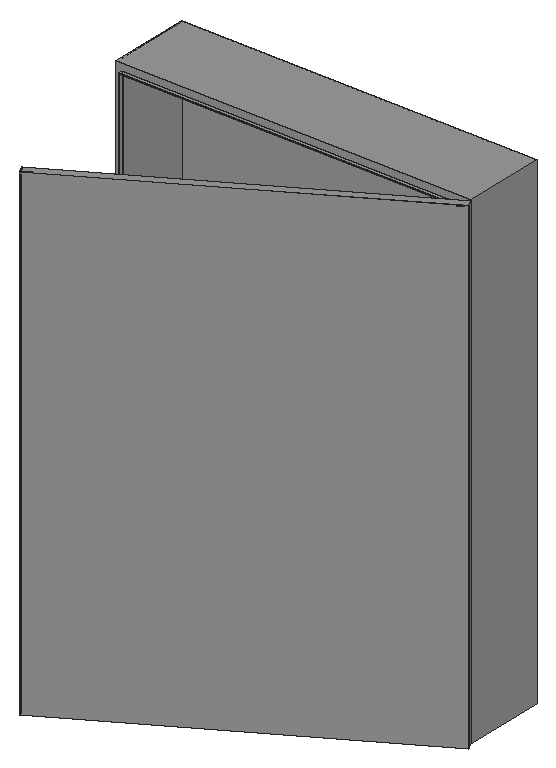
Revit family "Hager-Univers-IP44-D205-H1100-Cl.II-Encl-NoHosted-DE-de", category Equipement électrique, Revit 2020
Family settings
  Configuration du panneau = Deux colonnes, circuits au sein
  Cote de connecteur circulaire = Utiliser le diamètre
  Type d'élément = Tableau de raccordement
  Basée sur le plan de construction = Oui
  Toujours verticalement = Oui
  Couper avec des vides une fois chargée = Non
  Partagée = Non
  Point de calcul de pièce = Non
Parameters (values of type "Aufputz IP44 B800 H1100 T205  - FP73SN2")
  Width Control [instance] = if([EF000008 - Breite] > Min Width, [EF000008 - Breite], Min Width)  # 800 mm
  Commentaires du type = [HG000003 - Bereich]  # "Univers"
  Thickness Door [instance] = if([EF009171 - Materialstärke Tür/Deckel] > 3 mm, 3 mm, [EF009171 - Materialstärke Tür/Deckel])  # 1 mm
  Seal Frame Offset [instance] = 17 mm  # constant formula
  Plinth Visibility [instance] = [HG000027 - Sockelhöhe] > 0 mm  # no
  Min Width [instance] = 100 mm  # constant formula
  Min Depth [instance] = (2 * [EF009170 - Materialstärke Gehäuse]) + 1 mm  # 3 mm
  Min Height [instance] = 100 mm  # constant formula
  Internal Frame Depth [instance] = (Door System Depth * 0.5)  # 9 mm
  Panel Name [instance] = ""  # (empty or 0)
  Model = ""
  HG000027 - Sockelhöhe = 0 mm
  HG000026 - Stehend auf dem Boden = no
  HG000024 - Höhe des unteren Teils = 600 mm
  HG000023 - Gehäuse mit doppeltem Querschnitt = no
  HG000016 - 3D-Türsichtbarkeit [instance] = yes
  HG000015 - Sichtbarkeit der Türöffnung [instance] = no
  HG000014 - Tür rechts [instance] = yes
  HG000013 - Tür links [instance] = not([HG000014 - Tür rechts])  # no
  HG000012 - Türschwenkwinkel [instance] = 30.00°
  HG000010 - Asymmetrische Türen = no
  HG000009 - Doppelflügeligen Tür = no
  HG000006 - Unterputz = no
  HG000004 - Herstellerreferenz = "FP73SN2"
  HG000003 - Bereich = "Univers"
  HG000002 - Mit tür = yes
  Frame Offset Bottom [instance] = 10 mm  # constant formula
  Frame Offset [instance] = 15 mm  # constant formula
  EF015940 - Deckel mit Überdruckentlastung = no
  EF011959 - Schutzart (NEMA) = ""
  EF009554 - Anzahl der Öffnungen für Flanschplatten = 6
  EF009212 - Ausführung Deckel = "EV000116 - geschlossen"
  EF009171 - Materialstärke Tür/Deckel = 1 mm
  EF009170 - Materialstärke Gehäuse = 1 mm
  EF008873 - Nennstrom (In) = 250 A
  EF007800 - Geeignet für Blitzschutz = no
  EF006306 - Mit Schloss = no
  EF006244 - Transparenter Deckel/Tür = no
  EF005474 - Schutzart (IP) = "EV006418 - IP44"
  EF004464 - Art der Tür = "EV002646 - Einzel"
  EF004427 - Anzahl der Module = 252
  EF004293 - Schlagfestigkeit = "EV006815 - IK09"
  EF003532 - Geeignet für Außengebrauch = no
  EF002950 - Breite in Teilungseinheiten = 36
  EF001613 - Funktionserhalt = "EV000494 - ohne"
  EF001596 - Werkstoff des Gehäuses = "EV000179 - Stahl"
  EF001131 - Innentiefe = 143 mm
  EF001088 - Anbaumöglichkeit = yes
  EF000437 - Anzahl der Leitungseinführungen = 6
  EF000339 - Art der Abdeckung = "EV001012 - Deckel"
  EF000266 - Anzahl der Reihen = 7
  EF000218 - Einbautiefe = 205 mm
  EF000118 - Mit Montageplatte = no
  EF000116 - RAL-Nummer = "9010"
  EF000049 - Tiefe = 205 mm
  EF000040 - Höhe = 1100 mm
  EF000008 - Breite = 800 mm
  EF000007 - Farbe = "EV000202 - weiß"
  EF000003 - Montageart = "EV000384 - Aufputz"
  Door System Leaf Tolerance [instance] = 1.5 mm  # constant formula
  Door System Depth [instance] = 18 mm  # constant formula
  Door Height [instance] = Height Control - [HG000027 - Sockelhöhe]  # 1100 mm
  Description = ""
  Default Elevation = 1219.2 mm
  Connector Offset [instance] = Height Control / 2  # 550 mm
  Fabricant = "Hager"  # constant formula
  Height Control [instance] = if([EF000040 - Höhe] > Min Height, [EF000040 - Höhe], Min Height)  # 1100 mm
  Depth Control [instance] = if([EF000049 - Tiefe] > Min Depth, [EF000049 - Tiefe], Min Depth)  # 205 mm
  Bottom Top Plate Trim [instance] = 1.5 mm  # constant formula
  Plinth height Ctrl [instance] = if([HG000027 - Sockelhöhe] > 0 mm, [HG000027 - Sockelhöhe], 12 mm)  # 12 mm
Types (5, lengths in mm): name | Width Control | HG000010 - Asymmetrische Türen | HG000009 - Doppelflügeligen Tür | HG000004 - Herstellerreferenz | EF009554 - Anzahl der Öffnungen für Flanschplatten | EF004464 - Art der Tür | EF004427 - Anzahl der Module | EF002950 - Breite in Teilungseinheiten | EF000437 - Anzahl der Leitungseinführungen | EF000008 - Breite
  Aufputz IP44 B1050 H1100 T205  - FP74SN2 | 1050 | no | yes | "FP74SN2" | 8 | "EV003602 - Doppel" | 336 | 48 | 8 | 1050
  Aufputz IP44 B1300 H1100 T205  - FP75SN2 | 1300 | yes | yes | "FP75SN2" | 10 | "EV003602 - Doppel" | 420 | 60 | 10 | 1300
  Aufputz IP44 B300 H1100 T205  - FP71SN2 | 300 | no | no | "FP71SN2" | 2 | "EV002646 - Einzel" | 84 | 12 | 2 | 300
  Aufputz IP44 B550 H1100 T205  - FP72SN2 | 550 | no | no | "FP72SN2" | 4 | "EV002646 - Einzel" | 168 | 24 | 4 | 550
  Aufputz IP44 B800 H1100 T205  - FP73SN2 | 800 | no | no | "FP73SN2" | 6 | "EV002646 - Einzel" | 252 | 36 | 6 | 800
Reference planes
  plane 1 "Center (Front/Back)": y = 0
  plane 2: z = 0
  plane 3 "Center (Left/Right)": x = 0
  plane 4: y = 0
  plane 5: y = 0
  plane 6: z = 0
  plane 7: x = -400
  plane 8: x = 400
  plane 9: x = 399
  plane 10: x = -399
  plane 11: z = 0
  plane 12: z = 1
  plane 13: y = -205
  plane 14: y = -1
  plane 15: x = 0
  plane 16: y = -187
  plane 17: y = -204
  plane 18: y = -186
  plane 19: x = -384
  plane 20: x = 384
  plane 21: z = 11
  plane 22: x = -383
  plane 23: x = 383
  plane 24: z = 0
  plane 25: z = 1100
  plane 26: z = 1100
  plane 27: z = 1084
  plane 28: z = 1099
Forms (mm)
  Extrusion 1, solid, material "Hager_Steel_RAL7035_Light_Grey", detail levels medium+fine
    sketch origin (-208.679, -4572, 0) x (-1, 0, 0) y (0, -1, 0)
      loop
        line (191.321, -4385) -> (-608.679, -4385) -> (-608.679, -4572) -> (191.321, -4572) -> (191.321, -4385)
    from 0 to 1100
  Extrusion 2, void
    sketch origin (-350.771, -205, 1219.2) x (1, 0, 0) y (0, 0, 1)
      loop
        line (-48.229, -120.2) -> (-48.229, -1218.2) -> (749.771, -1218.2) -> (749.771, -120.2) -> (-48.229, -120.2)
    from -19 to -204
  Extrusion 3, void
    sketch origin (-290.084, -187, 1219.2) x (1, 0, 0) y (0, 0, 1)
      loop
        line (-93.916, -1208.2) -> (674.084, -1208.2) -> (674.084, -135.2) -> (-93.916, -135.2) -> (-93.916, -1208.2)
    from 0 to -1
  Extrusion 4, solid, material "Hager_Steel_RAL7035_Light_Grey", visible <- "Plinth Visibility", detail levels medium+fine
    sketch origin (0, 0, 0) x (1, 0, 0) y (0, 1, 0)
      loop
        line (-400, 0) -> (-400, -187) -> (400, -187) -> (400, 0) -> (-400, 0)
    from 0 to 12 <- "Plinth height Ctrl"
  Extrusion 5, solid, material "Hager_Steel_RAL7035_Light_Grey", detail levels coarse
    sketch origin (0, 0, 0) x (1, 0, 0) y (0, 1, 0)
      loop
        line (-400, 0) -> (-400, -205) -> (400, -205) -> (400, 0) -> (-400, 0)
    from 0 to 1100 <- "Height Control"
  Sweep 6, void
    path in 3D
      loop
        line (-400, -187, 12) -> (400, -187, 12) -> (400, 0, 12) -> (-400, 0, 12) -> (-400, -187, 12)
    profile origin (-400, -93.5, 12) x (1, 0, 0) y (0, 0, 1)
      loop
        line (0, 0) -> (0, -1.5) -> (1.5, -1.5)
        arc (1.5, -1.5) -> (1.061, -0.439) -> (0, 0) r 1.5
  Extrusion 7, solid, material "Hager_Steel_RAL7035_Light_Grey", detail levels fine
    sketch origin (-400, -187, 0) x (1, 0, 0) y (0, 0, 1)
      loop
        line (16, 11) -> (784, 11) -> (784, 1084) -> (16, 1084) -> (16, 11)
      loop
        line (15, 10) -> (785, 10) -> (785, 1085) -> (15, 1085) -> (15, 10)
    from 0 to 9 <- "Internal Frame Depth"
Cuts and joins
  Extrusion 2, Extrusion 3 cuts Extrusion 1
  Sweep 6 cuts Extrusion 4
Lines and regions (mm)
  Masking region 1
    outline origin (0, 0, 0) x (1, 0, 0) y (0, 1, 0)
      loop
        line (-400, 0) -> (-400, -205) -> (400, -205) -> (400, 0) -> (-400, 0)
  Masking region 2, detail levels coarse
    outline origin (-290.084, -187, 1219.2) x (-1, 0, 0) y (0, 0, 1)
      loop
        line (-690.084, -1219.2) -> (109.916, -1219.2) -> (109.916, -119.2) -> (-690.084, -119.2) -> (-690.084, -1219.2)
  Masking region 3, detail levels coarse
    outline origin (0, 0, 0) x (0, 1, 0) y (0, 0, 1)
      loop
        line (0, 0) -> (0, 1100) -> (-205, 1100) -> (-205, 0) -> (0, 0)
  Masking region 4, visible <- "Plinth Visibility", detail levels medium+fine
    outline origin (0, 0, 0) x (0, 1, 0) y (0, 0, 1)
      loop
        line (-1.5, 12) -> (-185.5, 12)
        arc (-185.5, 12) -> (-185.939, 10.939) -> (-187, 10.5) r 1.5
        line (-187, 10.5) -> (-187, 0) -> (0, 0) -> (0, 10.5)
        arc (0, 10.5) -> (-1.061, 10.939) -> (-1.5, 12) r 1.5
  Masking region 5, detail levels medium+fine
    outline origin (0, 0, 594.038) x (0, 1, 0) y (0, 0, 1)
      loop
        line (0, -594.038) -> (0, 505.962) -> (-187, 505.962) -> (-187, -594.038) -> (0, -594.038)
  Masking region 6, detail levels medium+fine
    outline origin (-359.7, -187, 1211.883) x (-1, 0, 0) y (0, 0, 1)
      loop
        line (-759.7, -1211.883) -> (40.3, -1211.883) -> (40.3, -111.883) -> (-759.7, -111.883) -> (-759.7, -1211.883)
  Masking region 7, visible <- "Plinth Visibility", detail levels medium+fine
    outline origin (-320.334, -187, 1041.368) x (-1, 0, 0) y (0, 0, 1)
      loop
        line (-720.334, -1041.368) -> (79.666, -1041.368) -> (79.666, -1030.868)
        arc (79.666, -1030.868) -> (78.606, -1030.429) -> (78.166, -1029.368) r 1.5
        line (78.166, -1029.368) -> (-718.834, -1029.368)
        arc (-718.834, -1029.368) -> (-719.273, -1030.429) -> (-720.334, -1030.868) r 1.5
        line (-720.334, -1030.868) -> (-720.334, -1041.368)
  sketch lines
    curve 1: line (-400, 0, 12) -> (-400, -187, 12)
    curve 2: line (-400, -187, 12) -> (400, -187, 12)
    curve 3: line (400, 0, 12) -> (-400, 0, 12)
    curve 4: line (400, -187, 12) -> (400, 0, 12)
Dimensions and locks
  locked: plane 1 "Center (Front/Back)" to plane 5
  "EF009170 - Materialstärke Gehäuse": plane 7 to plane 10
  "EF009170 - Materialstärke Gehäuse": plane 8 to plane 9
  equal spacing: plane 7, plane 3 "Center (Left/Right)", plane 8
  "Width Control": plane 7 to plane 8
  "Depth Control": plane 4 to plane 13
  "EF009170 - Materialstärke Gehäuse": plane 4 to plane 14
  "Height Control": plane 25 to level
  "HG000027 - Sockelhöhe": plane 11 to level
  "EF009170 - Materialstärke Gehäuse": plane 12 to plane 11
  "EF009170 - Materialstärke Gehäuse": plane 17 to plane 13
  "EF009170 - Materialstärke Gehäuse": plane 18 to plane 16
  "Frame Offset Bottom": plane 21 to plane 12
  "Frame Offset": plane 10 to plane 19
  "Frame Offset": plane 9 to plane 20
  "Door System Depth": plane 16 to plane 13
  "Seal Frame Offset": plane 7 to plane 22
  "Seal Frame Offset": plane 8 to plane 23
  "EF009170 - Materialstärke Gehäuse": plane 26 to plane 28
  "Frame Offset": plane 28 to plane 27
  "Connector Offset": plane 2 to connector elem
  "Bottom Top Plate Trim": profile plane to Sweep 6 sketch curve
  "Bottom Top Plate Trim": Sweep 6 sketch curve to Sweep 6 sketch curve
  "Plinth height Ctrl": Masking region 4 sketch curve to level
  "Plinth height Ctrl": Masking region 7 sketch curve to level
  "Thickness Door": Extrusion 7 sketch curve to Extrusion 7 sketch curve  (x4)
  "Bottom Top Plate Trim": radius of Sweep 6 sketch curve
  "Bottom Top Plate Trim": radius of Masking region 4 sketch curve  (x2)
  "Bottom Top Plate Trim": radius of Masking region 7 sketch curve  (x2)
  aligned and locked: Extrusion 2 sketch curve to plane 12
  aligned and locked: Extrusion 2 sketch curve to plane 9
  aligned and locked: Extrusion 2 sketch curve to plane 10
  aligned and locked: Extrusion 2 to plane 14
  aligned and locked: Extrusion 1 sketch curve to plane 4
  aligned and locked: plane 8 to Extrusion 1 sketch curve
  aligned and locked: plane 7 to Extrusion 1 sketch curve
  aligned and locked: Extrusion 2 to plane 18
  aligned and locked: Extrusion 3 sketch curve to plane 19
  aligned and locked: plane 20 to Extrusion 3 sketch curve
  aligned and locked: Extrusion 3 to Extrusion 2
  aligned and locked: Extrusion 3 sketch curve to plane 21
  aligned and locked: plane 3 "Center (Left/Right)" to nested 1
  aligned and locked: Extrusion 1 sketch curve to plane 16
  aligned and locked: Extrusion 4 sketch curve to cut or joined group of Extrusion 1, Extrusion 2, Extrusion 3
  aligned and locked: Masking region 1 sketch curve to plane 7
  aligned and locked: Masking region 1 sketch curve to plane 5
  aligned and locked: Masking region 1 sketch curve to plane 8
  aligned and locked: Masking region 2 sketch curve to level
  aligned and locked: level to Masking region 3 sketch curve
  aligned and locked: plane 1 "Center (Front/Back)" to Masking region 3 sketch curve
  aligned and locked: plane 13 to Masking region 3 sketch curve
  aligned and locked: plane 5 to Masking region 4 sketch curve
  aligned and locked: Masking region 2 sketch curve to plane 8
  aligned and locked: Masking region 2 sketch curve to plane 7
  aligned and locked: plane 7 to nested 2
  aligned and locked: nested 2 to plane 5
  aligned and locked: plane 5 to Masking region 5 sketch curve
  aligned and locked: plane 26 to Masking region 5 sketch curve
  aligned and locked: Extrusion 5 sketch curve to plane 8
  aligned and locked: Extrusion 5 sketch curve to plane 7
  aligned and locked: Extrusion 5 sketch curve to plane 5
  aligned and locked: Extrusion 3 sketch curve to plane 27
  aligned and locked: Extrusion 2 sketch curve to plane 28
  aligned and locked: Masking region 2 to plane 25
  aligned and locked: Extrusion 4 to plane 16
  aligned and locked: profile plane to Sweep 6 sketch curve
  aligned and locked: Masking region 5 sketch curve to plane 24
  aligned and locked: level to Masking region 4 sketch curve
  aligned and locked: Masking region 1 to plane 13
  aligned and locked: nested 1 to plane 16
  aligned and locked: Masking region 3 to plane 25
  aligned and locked: plane 16 to Masking region 4 sketch curve
  aligned and locked: Masking region 5 sketch curve to plane 16
  aligned and locked: plane 24 to plane 11
  aligned and locked: plane 26 to plane 25
  aligned and locked: plane 26 to cut or joined group of Extrusion 1, Extrusion 2, Extrusion 3
  aligned and locked: nested 1 to plane 24
  aligned and locked: Extrusion 1 to Extrusion 3
  aligned and locked: Masking region 6 sketch curve to plane 8
  aligned and locked: Masking region 6 sketch curve to plane 24
  aligned and locked: Masking region 6 sketch curve to plane 7
  aligned and locked: Masking region 6 sketch curve to plane 26
  aligned and locked: Masking region 7 sketch curve to plane 7
  aligned and locked: level to Masking region 7 sketch curve
  aligned and locked: Masking region 7 sketch curve to plane 8
  aligned and locked: Extrusion 7 sketch curve to cut or joined group of Extrusion 1, Extrusion 2, Extrusion 3  (x4)
Automatic sketch dimensions
  plane 19 to Extrusion 3 sketch curve = 0 mm
  Extrusion 3 sketch curve to plane 20 = 0 mm
  Extrusion 3 sketch curve to plane 21 = 0 mm
  Extrusion 4 sketch curve to plane 7 = 0 mm
  Extrusion 4 sketch curve to plane 8 = 0 mm
  Extrusion 4 sketch curve to plane 16 = 0 mm
  Masking region 1 sketch curve to plane 13 = 0 mm
  Masking region 2 sketch curve to plane 25 = 0 mm
  Masking region 3 sketch curve to plane 25 = 0 mm
  Extrusion 5 sketch curve to plane 13 = 0 mm
  profile plane to Sweep 6 sketch curve = 0 mm
Nested families
  nested 1: "EC000058_Univers_Door" at (0, -187, 0), Double <- "HG000009 - Doppelflügeligen Tür", Transparent <- "EF006244 - Transparenter Deckel/Tür", Angle <- "HG000012 - Türschwenkwinkel", Door_Right <- "HG000014 - Tür rechts", Assymetrical <- "HG000010 - Asymmetrische Türen", Door <- "HG000002 - Mit tür", Width_Ctrl <- "Width Control", 3d_Door <- "HG000016 - 3D-Türsichtbarkeit", Clearance <- "HG000015 - Sichtbarkeit der Türöffnung", Door_Left <- "HG000013 - Tür links", Width <- "Width Control", Door_Depth <- "Door System Depth", Leaf_Tolerance <- "Door System Leaf Tolerance", Height <- "Door Height", Lock_Visibility <- "EF006306 - Mit Schloss", Thickness <- "Thickness Door", type "EC000058_Univers_Door", detail levels medium+fine
    with min_wh 3 mm, Width_Ctrl 800 mm, Width 800 mm, Transparent no, Thickness 1 mm, Seal_Material Hager_Rubber, Lock_Visibility no, Lock_Material Hager_Plastic_RAL9005_Jet_Black, Leaf_Width 800 mm, Leaf_Tolerance_External_Sides 0 mm, Leaf_Tolerance 1.5 mm, Leaf_Offset 0 mm, Leaf_Height 1097 mm, Leaf_2_Width 800 mm, Leaf_2_Offset 400 mm, Leaf_1_Width 800 mm, Leaf_1_Offset 400 mm, Height_Ctrl 1100 mm, Height 1100 mm, Glass_Material Hager_Glass, Double_Clearance_Ctrl no, Double no, Door_Right_Ctrl yes, Door_Right yes, Door_Material Hager_Steel_RAL7035_Light_Grey, Door_Left_Ctrl no, Door_Left no, Door_Depth 18 mm, Door yes, Clearance_Material Hager_Clearance, Clearance_Depth 800 mm, Clearance_Ctrl no, Clearance no, Assymetrical no, Angle 30.00°, 3d_Door yes
  nested 2: "Hager_Enclosure_Symbol" at (-400, 0, 0), Height <- "Depth Control", Width <- "Width Control", type "Hager_Enclosure_Symbol"
    with Width_Ctrl 800 mm, Width 800 mm, Height_Ctrl 205 mm, Height 205 mm, A_Width_Int 13.453 mm, A_Width 161.438 mm, A_Height_Ctrl 179.375 mm, A_Height 179.375 mm
Connectors
  electrical at (0, 0, 550)
    settings: on plane 1 "Center (Front/Back)", index 1, voltage 0 V, apparent load 0 VA, apparent load phase1 0 VA, apparent load phase2 0 VA, apparent load phase3 0 VA, power factor 1, load classification "Other", number of poles 1, system type 30, power factor state 1, is connector primary yes, connector utility no, sub classification motor no, connector description ""
Definition of nested family "EC000058_Univers_Door"
  Parameters (values of type "EC000058_Univers_Door")
    min_wh [instance] = (2 * Thickness) + 1 mm  # 11 mm
    Width_Ctrl [instance] = 400 mm
    Width [instance] = 500 mm
    Transparent [instance] = yes
    Thickness [instance] = 5 mm
    Seal_Material [instance] = none
    Lock_Visibility [instance] = yes
    Lock_Material [instance] = none
    Leaf_Width [instance] = if((Width_Ctrl - 2 * Leaf_Tolerance_External_Sides) > 0 mm, (Width_Ctrl - 2 * Leaf_Tolerance_External_Sides), min_wh)  # 400 mm
    Leaf_Tolerance_External_Sides [instance] = 0 mm  # constant formula
    Leaf_Tolerance [instance] = 1.5 mm
    Leaf_Offset [instance] = 0 mm  # constant formula
    Leaf_Height [instance] = if((Height_Ctrl - 2 * Leaf_Tolerance) > 0 mm, (Height_Ctrl - 2 * Leaf_Tolerance), min_wh)  # 497 mm
    Leaf_2_Width [instance] = if(and(and(Double, Assymetrical), Door_Left), (Leaf_Width / 3) - (Leaf_Tolerance / 2), if(and(and(Double, Assymetrical), Door_Right), (Leaf_Width / 3) * 2 - (Leaf_Tolerance / 2), if(and(Double, not(Assymetrical)), (Leaf_Width / 2) - Leaf_Tolerance, Leaf_Width)))  # 400 mm
    Leaf_2_Offset [instance] = if(and(Double, Assymetrical), Leaf_2_Width / 2, if(and(Double, not(Assymetrical)), Leaf_Width / 4, Leaf_Width / 2))  # 200 mm
    Leaf_1_Width [instance] = if(and(and(Double, Assymetrical), Door_Right), (Leaf_Width / 3) - (Leaf_Tolerance / 2), if(and(and(Double, Assymetrical), Door_Left), (Width / 3) * 2 - (Leaf_Tolerance / 2), if(and(Double, not(Assymetrical)), (Leaf_Width / 2) - Leaf_Tolerance, Leaf_Width)))  # 400 mm
    Leaf_1_Offset [instance] = if(and(Double, Assymetrical), Leaf_1_Width / 2, if(and(Double, not(Assymetrical)), Leaf_Width / 4, Leaf_Width / 2))  # 200 mm
    Height_Ctrl [instance] = if(Height > min_wh, Height, min_wh)  # 500 mm
    Height [instance] = 500 mm
    Glass_Material [instance] = none
    Double_Clearance_Ctrl [instance] = and(Double, Clearance)  # no
    Double [instance] = no
    Door_Right_Ctrl [instance] = and(or(Door_Right, Double), Door)  # yes
    Door_Right [instance] = yes
    Door_Material [instance] = none
    Door_Left_Ctrl [instance] = and(or(Door_Left, Double), Door)  # no
    Door_Left [instance] = no
    Door_Depth [instance] = 30 mm
    Door [instance] = yes
    Default Elevation = 1219.2 mm
    Clearance_Material [instance] = none
    Clearance_Depth [instance] = if(Leaf_1_Width > Leaf_2_Width, Leaf_1_Width, Leaf_2_Width)  # 400 mm
    Clearance_Ctrl [instance] = and(not(Double), Clearance)  # yes
    Clearance [instance] = yes
    Assymetrical [instance] = yes
    Angle [instance] = 30.00°
    3d_Door [instance] = yes
  Reference planes
    plane 1 "Center (Front/Back)": y = 0
    plane 2 "Bottom": z = 0
    plane 3 "Center (Left/Right)": x = 0
    plane 4: z = 500
    plane 5: x = -200
    plane 6: x = 200
    plane 7: z = 500
    plane 8: x = -200
    plane 9: z = 0
    plane 10: x = 200
    plane 11: y = 0
    plane 12: z = 1.5
    plane 13: x = -600
    plane 14: y = -400
    plane 15: x = 600
    plane 16: x = 0
    plane 17: x = 0
    plane 18: x = -200
    plane 19: x = 200
    plane 20: z = 498.5
  Forms (mm)
    Extrusion 1, solid, material <- "Clearance_Material", visible <- "Double_Clearance_Ctrl"
      sketch origin (1200, 0, 0) x (1, 0, 0) y (0, 0, -1)
        loop
          line (-1800, -498.5) -> (-600, -498.5) -> (-600, 0) -> (-1800, 0) -> (-1800, -498.5)
      from 0 to -400
  Dimensions and locks
    equal spacing: plane 5, plane 3 "Center (Left/Right)", plane 6
    "Width_Ctrl": plane 5 to plane 6
    "Leaf_Offset": plane 5 to plane 8
    "Leaf_Offset": plane 6 to plane 10
    "Leaf_Offset": plane 9 to level
    "Leaf_Offset": plane 4 to plane 7
    "Height_Ctrl": plane 4 to level
    "Leaf_Tolerance": plane 12 to plane 9
    locked: plane 11 to plane 1 "Center (Front/Back)"
    "Leaf_1_Offset": plane 18 to plane 16
    "Leaf_2_Offset": plane 17 to plane 19
    "Leaf_1_Width": plane 13 to plane 8
    "Leaf_2_Width": plane 10 to plane 15
    "Clearance_Depth": plane 14 to plane 1 "Center (Front/Back)"
    "Leaf_Tolerance_External_Sides": plane 8 to plane 18
    "Leaf_Tolerance_External_Sides": plane 19 to plane 10
    "Leaf_Tolerance": plane 7 to plane 20
    aligned and locked: level to plane 2 "Bottom"
    aligned and locked: nested 1 to plane 16
    aligned and locked: nested 2 to plane 17
    aligned and locked: Extrusion 1 to plane 13
    aligned and locked: plane 15 to Extrusion 1
    aligned and locked: Extrusion 1 to plane 14
    aligned and locked: plane 12 to nested 1
    aligned and locked: nested 2 to plane 12
    aligned and locked: Extrusion 1 to plane 11
    aligned and locked: plane 20 to Extrusion 1
    aligned and locked: nested 2 to plane 11
    aligned and locked: nested 1 to plane 11
  Automatic sketch dimensions
    Extrusion 1 sketch curve to level = 0 mm
    plane 5 to Extrusion 1 sketch curve = 400 mm
    plane 6 to Extrusion 1 sketch curve = 400 mm
    Extrusion 1 sketch curve to plane 4 = 1.5 mm
  Nested families
    nested 1: "EC000058_Univers_Door_Leaf" at (0, 0, 1.5), Width <- "Leaf_1_Width", visible <- "Door_Left_Ctrl", Leaf_Height <- "Leaf_Height", Angle <- "Angle", 3d_Door <- "3d_Door", Transparent <- "Transparent", Clearance Material <- "Clearance_Material", Clearance <- "Clearance_Ctrl", Door_Material <- "Door_Material", Glass_Material <- "Glass_Material", Door_Depth <- "Door_Depth", Lock_Material <- "Lock_Material", Seal_Material <- "Seal_Material", Lock_Visibility <- "Lock_Visibility", Thickness <- "Thickness", type "EC000058_Univers_Door_Leaf"
      with Width 400 mm, Transparent_Glass_Offset 30 mm, Transparent_Ctrl yes, Transparent yes, Thickness 5 mm, Standard no, Seal_Material none, Seal_D2 8 mm, Seal_D1 1 mm, Offset_Internal_Frame 10 mm, Lock_Width 20 mm, Lock_Visibility_3d yes, Lock_Visibility yes, Lock_Thickness_3 3 mm, Lock_Thickness_2 1 mm, Lock_Thickness_1 3 mm, Lock_Radius_Offset_2 16 mm, Lock_Radius_Offset_1 15 mm, Lock_Radius_2 5 mm, Lock_Radius 6 mm, Lock_Offset 5 mm, Lock_Material none, Lock_Height 80 mm, Lock_Cover_Top_Offset_2d 17 mm, Lock_Cover_Height -65 mm, Leaf_Height 497 mm, Internal_Seal_Thickness 8 mm, Internal_Seal_Depth_2 4.5 mm, Internal_Frame_Depth 25 mm, Glass_Thickness -1 mm, Glass_Offset -2 mm, Glass_Material none, Door_Material none, Door_Depth 30 mm, Clearance Material none, Clearance yes, Angle_Ctrl 30.00°, Angle 30.00°, 3d_Door yes
    nested 2: "EC000058_Univers_Door_Leaf" at (0, 0, 1.5) x (-1, 0, 0) z (0, 0, 1), Width <- "Leaf_2_Width", visible <- "Door_Right_Ctrl", Leaf_Height <- "Leaf_Height", Angle <- "Angle", 3d_Door <- "3d_Door", Transparent <- "Transparent", Clearance Material <- "Clearance_Material", Clearance <- "Clearance_Ctrl", Door_Material <- "Door_Material", Glass_Material <- "Glass_Material", Door_Depth <- "Door_Depth", Lock_Material <- "Lock_Material", Seal_Material <- "Seal_Material", Lock_Visibility <- "Lock_Visibility", Thickness <- "Thickness", type "EC000058_Univers_Door_Leaf"
      with Width 400 mm, Transparent_Glass_Offset 30 mm, Transparent_Ctrl yes, Transparent yes, Thickness 5 mm, Standard no, Seal_Material none, Seal_D2 8 mm, Seal_D1 1 mm, Offset_Internal_Frame 10 mm, Lock_Width 20 mm, Lock_Visibility_3d yes, Lock_Visibility yes, Lock_Thickness_3 3 mm, Lock_Thickness_2 1 mm, Lock_Thickness_1 3 mm, Lock_Radius_Offset_2 16 mm, Lock_Radius_Offset_1 15 mm, Lock_Radius_2 5 mm, Lock_Radius 6 mm, Lock_Offset 5 mm, Lock_Material none, Lock_Height 80 mm, Lock_Cover_Top_Offset_2d 17 mm, Lock_Cover_Height -65 mm, Leaf_Height 497 mm, Internal_Seal_Thickness 8 mm, Internal_Seal_Depth_2 4.5 mm, Internal_Frame_Depth 25 mm, Glass_Thickness -1 mm, Glass_Offset -2 mm, Glass_Material none, Door_Material none, Door_Depth 30 mm, Clearance Material none, Clearance yes, Angle_Ctrl 30.00°, Angle 30.00°, 3d_Door yes
  Definition of nested family "EC000058_Univers_Door_Leaf"
    Parameters (values of type "EC000058_Univers_Door_Leaf")
      Width [instance] = 2000 mm
      Transparent_Glass_Offset [instance] = 30 mm
      Transparent_Ctrl [instance] = and(Transparent, [3d_Door])  # yes
      Transparent [instance] = yes
      Thickness [instance] = 5 mm
      Standard [instance] = and(not(Transparent), [3d_Door])  # no
      Seal_Material [instance] = none
      Seal_D2 [instance] = 8 mm  # constant formula
      Seal_D1 [instance] = 1 mm  # constant formula
      Offset_Internal_Frame [instance] = 10 mm  # constant formula
      Lock_Width [instance] = 20 mm  # constant formula
      Lock_Visibility_3d [instance] = and(Lock_Visibility, [3d_Door])  # yes
      Lock_Visibility [instance] = yes
      Lock_Thickness_3 [instance] = 3 mm  # constant formula
      Lock_Thickness_2 [instance] = 1 mm  # constant formula
      Lock_Thickness_1 [instance] = 3 mm  # constant formula
      Lock_Radius_Offset_2 [instance] = Lock_Radius_Offset_1 + 1 mm  # 16 mm
      Lock_Radius_Offset_1 [instance] = 15 mm  # constant formula
      Lock_Radius_2 [instance] = Lock_Radius - 1 mm  # 5 mm
      Lock_Radius [instance] = 6 mm  # constant formula
      Lock_Offset [instance] = 5 mm  # constant formula
      Lock_Material [instance] = none
      Lock_Height [instance] = 80 mm  # constant formula
      Lock_Cover_Top_Offset_2d [instance] = Lock_Radius_Offset_2 + 1 mm  # 17 mm
      Lock_Cover_Height [instance] = -(Lock_Height - Lock_Radius_Offset_1)  # -65 mm
      Leaf_Height [instance] = 2720.336 mm
      Internal_Seal_Thickness [instance] = 8 mm  # constant formula
      Internal_Seal_Depth_2 [instance] = 4.5 mm  # constant formula
      Internal_Frame_Depth [instance] = if(Door_Depth - Thickness > 5 mm, Door_Depth - Thickness, 5 mm)  # 25 mm
      Glass_Thickness [instance] = if(Thickness > 15 mm, Glass_Offset + 10 mm, -1 mm)  # -1 mm
      Glass_Offset [instance] = if(Thickness > 15 mm, -(Thickness + 10 mm) / 2, -2 mm)  # -2 mm
      Glass_Material [instance] = none
      Door_Material [instance] = none
      Door_Depth [instance] = 30 mm
      Default Elevation = 0 mm
      Clearance Material [instance] = none
      Clearance [instance] = yes
      Angle_Ctrl [instance] = if(Angle > 180.00°, 180.00°, Angle)  # 90.00°
      Angle [instance] = 90.00°
      3d_Door [instance] = yes
    Reference planes
      plane 1 "Center (Front/Back)": y = 0
      plane 2: z = 0
      plane 3 "Center (Left/Right)": x = 0
      plane 4: y = 2000
      plane 5: x = -1000
      plane 6: x = 1000
      plane 7: x = -3000
      plane 8: z = 2720.336
      plane 9: z = 30
      plane 10: z = 2690.336
      plane 11: x = 970
      plane 12: x = -970
      plane 13: y = -3
      plane 14: z = 107.833
      plane 15: y = -5
      plane 16: y = -223.314
      plane 17: x = -1000
      plane 18: z = 1360.168
      plane 19: y = 30
    Forms (mm)
      Extrusion 1, solid, material <- "Clearance Material", visible <- "Clearance"
        sketch origin (0, 0, 0) x (1, 0, 0) y (0, 0, 1)
          loop
            line (-3000, 2720.336) -> (-3000, 0) -> (1000, 0) -> (1000, 2720.336) -> (-3000, 2720.336)
        from 0 to -2000
      Extrusion 2, solid, material <- "Door_Material", visible <- "Standard", detail levels medium+fine
        sketch origin (-1000, 0, 0) x (0, 1, 0) y (-1, 0, 0)
          loop
            line (0, 30) -> (0, 25) -> (2000, 25) -> (2000, 30) -> (0, 30)
        from 0 to 2720.336 <- "Leaf_Height"
      Extrusion 3, solid, material <- "Door_Material", visible <- "Transparent_Ctrl", detail levels medium+fine
        sketch origin (-1000, 0, 0) x (0, 1, 0) y (-1, 0, 0)
          loop
            line (0, 25) -> (2000, 25) -> (2000, 30) -> (0, 30) -> (0, 25)
        from 0 to 2720.336 <- "Leaf_Height"
      Extrusion 4, void
        sketch origin (-1025, 2000, 0) x (0, 1, 0) y (0, 0, -1)
          loop
            line (-30, -2690.336) -> (-30, -30) -> (-1970, -30) -> (-1970, -2690.336) -> (-30, -2690.336)
        from 0 to 5 <- "Thickness"
      Sweep 5, solid, material <- "Seal_Material", visible <- "Transparent_Ctrl", detail levels fine
        path in 3D
          loop
            line (-1025, 30, 30) -> (-1025, 30, 2690.336) -> (-1025, 1970, 2690.336) -> (-1025, 1970, 30) -> (-1025, 30, 30)
        profile origin (-1025, 1000, 30) x (1, 0, 0) y (0, 0, 1)
          loop
            line (0, 0) -> (0, -8) -> (1, -8) -> (1, 0) -> (0, 0)
      Extrusion 6, solid, material <- "Glass_Material", visible <- "Transparent_Ctrl", detail levels medium+fine
        sketch origin (-1030, 0, 0) x (0, 1, 0) y (0, 0, -1)
          loop
            line (1970, -2690.336) -> (1970, -30) -> (30, -30) -> (30, -2690.336) -> (1970, -2690.336)
        from -2 <- "Glass_Offset" to -1 <- "Glass_Thickness"
      Extrusion 7, solid, material <- "Door_Material", visible <- "3d_Door", detail levels medium+fine
        sketch origin (-1025, 2000, 0) x (0, -1, 0) y (0, 0, -1)
          loop
            line (0, -2720.336) -> (2000, -2720.336) -> (2000, 0) -> (0, 0) -> (0, -2720.336)
          loop
            line (1995, -5) -> (5, -5) -> (5, -2715.336) -> (1995, -2715.336) -> (1995, -5)
        from 0 to 25 <- "Internal_Frame_Depth"
      Sweep 8, solid, material <- "Seal_Material", visible <- "Transparent_Ctrl", detail levels fine
        path in 3D
          loop
            line (-1025, 0, 0) -> (-1025, 2000, 0) -> (-1025, 2000, 2720.336) -> (-1025, 0, 2720.336) -> (-1025, 0, 0)
        profile origin (-1025, 0, 1360.168) x (1, 0, 0) y (0, 1, 0)
          loop
            line (0, 10) -> (2.975, 10)
            arc (2.975, 10) -> (4.053, 10.447) -> (4.5, 11.525) r 1.525
            line (4.5, 11.525) -> (4.5, 16.527)
            arc (4.5, 16.527) -> (4.069, 17.569) -> (3.027, 18) r 1.473
            line (3.027, 18) -> (0, 18) -> (0, 10)
      Extrusion 9, solid, material <- "Lock_Material", visible <- "Lock_Visibility_3d", detail levels fine
        sketch origin (-1030, 0, 0) x (0, 1, 0) y (0, 0, -1)
          loop
            arc (1993.5, -1400.168) -> (1994.561, -1399.729) -> (1995, -1398.668) r 1.5
            line (1995, -1398.668) -> (1995, -1320.168) -> (1975, -1320.168) -> (1975, -1398.668)
            arc (1975, -1398.668) -> (1975.439, -1399.729) -> (1976.5, -1400.168) r 1.5
            line (1976.5, -1400.168) -> (1993.5, -1400.168)
        from 3 <- "Lock_Thickness_1" to 0
      Blend 10, solid, material <- "Lock_Material", visible <- "Lock_Visibility_3d", detail levels fine
        base sketch origin (-1033, 0, 0) x (0, 1, 0) y (0, 0, -1)
          loop
            line (1975, -1320.168) -> (1975, -1398.668)
            arc (1975, -1398.668) -> (1975.439, -1399.729) -> (1976.5, -1400.168) r 1.5
            line (1976.5, -1400.168) -> (1993.5, -1400.168)
            arc (1993.5, -1400.168) -> (1994.561, -1399.729) -> (1995, -1398.668) r 1.5
            line (1995, -1398.668) -> (1995, -1320.168) -> (1975, -1320.168)
        top sketch origin (-1033, 0, 0) x (0, 1, 0) y (0, 0, -1)
          loop
            line (1976, -1320.168) -> (1976, -1398.668)
            arc (1976, -1398.668) -> (1976.146, -1399.022) -> (1976.5, -1399.168) r 0.5
            line (1976.5, -1399.168) -> (1993.5, -1399.168)
            arc (1993.5, -1399.168) -> (1993.854, -1399.022) -> (1994, -1398.668) r 0.5
            line (1994, -1398.668) -> (1994, -1320.168) -> (1976, -1320.168)
        from 0 to 1 <- "Lock_Thickness_2"
      Blend 11, solid, material <- "Lock_Material", visible <- "Lock_Visibility_3d", detail levels fine
        base sketch origin (-1034, 0, 0) x (0, 1, 0) y (0, 0, -1)
          loop
            line (1978, -1320.168) -> (1978, -1384.168)
            arc (1978, -1384.168) -> (1985, -1391.168) -> (1992, -1384.168) r 7
            line (1992, -1384.168) -> (1992, -1320.168) -> (1978, -1320.168)
        top sketch origin (-1034, 0, 0) x (0, 1, 0) y (0, 0, -1)
          loop
            line (1991, -1320.168) -> (1979, -1320.168) -> (1979, -1383.168)
            arc (1979, -1383.168) -> (1985, -1389.168) -> (1991, -1383.168) r 6
            line (1991, -1383.168) -> (1991, -1320.168)
        from 0 to 3 <- "Lock_Thickness_3"
      Extrusion 12, solid, material <- "Lock_Material", visible <- "Lock_Visibility_3d", detail levels fine
        sketch origin (-1030, 1975, 1320.168) x (1, 0, 0) y (0, -1, 0)
          loop
            line (-7, -19) -> (-7, -1) -> (0, -1) -> (0, 0) -> (-8, 0) -> (-8, -20) -> (0, -20) -> (0, -19) -> (-7, -19)
        from 0 to -65 <- "Lock_Cover_Height"
      Extrusion 13, void
        sketch origin (-1038, 1995, 1320.168) x (-1, 0, 0) y (0, 0, -1)
          loop
            line (-5, -65) -> (0, -65) -> (-5, -60) -> (-5, -65)
        from 0 to 20 <- "Lock_Width"
      Extrusion 14, void
        sketch origin (-1038, 1975, 1320.168) x (0, -1, 0) y (0, 0, -1)
          loop
            circle (-10, -15.995) r 6
          loop
            circle (-10, -15.995) r 5
        from 0 to 2
      Extrusion 15, solid, material <- "Lock_Material", visible <- "Lock_Visibility_3d", detail levels medium
        sketch origin (-1030, 0, 0) x (0, 1, 0) y (0, 0, -1)
          loop
            arc (1993.5, -1400.168) -> (1994.561, -1399.729) -> (1995, -1398.668) r 1.5
            line (1995, -1398.668) -> (1995, -1320.168) -> (1975, -1320.168) -> (1975, -1398.668)
            arc (1975, -1398.668) -> (1975.439, -1399.729) -> (1976.5, -1400.168) r 1.5
            line (1976.5, -1400.168) -> (1993.5, -1400.168)
        from 8 to 0
    Cuts and joins
      Extrusion 4 cuts Extrusion 3
      Extrusion 13, Extrusion 14 cuts Extrusion 9
      Extrusion 14 cuts Blend 11
      Extrusion 13, Extrusion 14 cuts Extrusion 12
      joined: Extrusion 9, Blend 10, Blend 11, Extrusion 12
      Extrusion 14 cuts Extrusion 15
    Lines and regions (mm)
      Masking region 1, visible <- "Lock_Visibility", detail levels fine
        outline origin (0, 0, 0) x (0, 1, 0) y (0, 0, 1)
          loop
            line (30, 1320.168) -> (33, 1320.168) -> (33, 1400.168) -> (30, 1400.168) -> (30, 1320.168)
      Masking region 2, visible <- "Lock_Visibility", detail levels fine
        outline origin (0, 3.143, 0) x (0, 1, 0) y (0, 0, 1)
          loop
            line (29.857, 1354.168) -> (30.857, 1354.168) -> (30.857, 1366.168) -> (29.857, 1366.168) -> (29.857, 1354.168)
      Masking region 3, detail levels medium+fine
        outline origin (0, 0, 0) x (0, 1, 0) y (0, 0, 1)
          loop
            line (0, 0) -> (30, 0) -> (30, 2720.336) -> (0, 2720.336) -> (0, 0)
      Masking region 4, detail levels medium+fine
        outline origin (0, 0, 0) x (1, 0, 0) y (0, 0, 1)
          loop
            line (-1000, 2720.336) -> (-1000, 0) -> (1000, 0) -> (1000, 2720.336) -> (-1000, 2720.336)
      Masking region 5, visible <- "Lock_Visibility", detail levels fine
        outline origin (-47.116, 0, 0) x (1, 0, 0) y (0, 0, 1)
          loop
            arc (1024.616, 1399.168) -> (1023.556, 1398.729) -> (1023.116, 1397.668) r 1.5
            line (1023.116, 1397.668) -> (1023.116, 1320.168) -> (1041.116, 1320.168) -> (1041.116, 1397.668)
            arc (1041.116, 1397.668) -> (1040.677, 1398.729) -> (1039.616, 1399.168) r 1.5
            line (1039.616, 1399.168) -> (1024.616, 1399.168)
      Masking region 6, visible <- "Lock_Visibility", detail levels medium+fine
        outline origin (-25, 0, 0) x (1, 0, 0) y (0, 0, 1)
          loop
            arc (1001.5, 1400.168) -> (1000.439, 1399.729) -> (1000, 1398.668) r 1.5
            line (1000, 1398.668) -> (1000, 1320.168) -> (1020, 1320.168) -> (1020, 1398.668)
            arc (1020, 1398.668) -> (1019.561, 1399.729) -> (1018.5, 1400.168) r 1.5
            line (1018.5, 1400.168) -> (1001.5, 1400.168)
      Masking region 7, visible <- "Lock_Visibility", detail levels fine
        outline origin (-73.735, 0, 0) x (1, 0, 0) y (0, 0, 1)
          loop
            line (1051.735, 1382.168) -> (1065.735, 1382.168) -> (1065.735, 1384.168)
            arc (1065.735, 1384.168) -> (1058.735, 1391.168) -> (1051.735, 1384.168) r 7
            line (1051.735, 1384.168) -> (1051.735, 1382.168)
      Masking region 8, visible <- "Lock_Visibility", detail levels fine
        outline origin (-73.735, 0, 0) x (1, 0, 0) y (0, 0, 1)
          loop
            line (1052.735, 1382.168) -> (1064.735, 1382.168) -> (1064.735, 1383.168)
            arc (1064.735, 1383.168) -> (1058.735, 1389.168) -> (1052.735, 1383.168) r 6
            line (1052.735, 1383.168) -> (1052.735, 1382.168)
      Masking region 9, visible <- "Lock_Visibility", detail levels fine
        outline origin (-25, 0, 0) x (1, 0, 0) y (0, 0, 1)
          loop
            line (1020, 1320.168) -> (1020, 1382.168) -> (1000, 1382.168) -> (1000, 1320.168) -> (1020, 1320.168)
      Masking region 10, detail levels medium+fine
        outline origin (0, 0, 0) x (1, 0, 0) y (0, 0, 1)
          loop
            circle (985, 1335.144) r 6
      Masking region 11, detail levels fine
        outline origin (0, 0, 0) x (1, 0, 0) y (0, 0, 1)
          loop
            circle (985, 1335.144) r 5
      Masking region 12, visible <- "Lock_Visibility", detail levels fine
        outline origin (0, 12.767, 0) x (0, 1, 0) y (0, 0, 1)
          loop
            line (20.233, 1320.168) -> (21.233, 1320.168) -> (21.233, 1399.168) -> (20.233, 1400.168) -> (20.233, 1320.168)
      Masking region 13, visible <- "Lock_Visibility", detail levels fine
        outline origin (0, 13.767, -10) x (0, 1, 0) y (0, 0, 1)
          loop
            line (20.233, 1330.168) -> (23.233, 1330.168) -> (23.233, 1399.168) -> (20.233, 1402.168) -> (20.233, 1330.168)
      Masking region 14, visible <- "Lock_Visibility", detail levels fine
        outline origin (0, 12.767, -10) x (0, 1, 0) y (0, 0, 1)
          loop
            line (20.233, 1330.168) -> (25.233, 1330.168) -> (25.233, 1399.305) -> (20.233, 1394.305) -> (20.233, 1330.168)
      Masking region 15, visible <- "Lock_Visibility", detail levels medium
        outline origin (0, 0, 0) x (0, 1, 0) y (0, 0, 1)
          loop
            line (30, 1320.168) -> (38, 1320.168) -> (38, 1400.168) -> (30, 1400.168) -> (30, 1320.168)
      Masking region 16, visible <- "Lock_Visibility", detail levels fine
        outline origin (-1000, 0, 0) x (0, 1, 0) y (-1, 0, 0)
          loop
            line (1975, 30) -> (1995, 30) -> (1995, 38) -> (1975, 38) -> (1975, 30)
          loop
            line (1979, 37) -> (1976, 37) -> (1976, 34) -> (1978, 34) -> (1979, 37)
          loop
            line (1994, 37) -> (1991, 37) -> (1992, 34) -> (1994, 34) -> (1994, 37)
      Masking region 17, visible <- "Lock_Visibility", detail levels medium
        outline origin (-1000, 0, 0) x (0, 1, 0) y (-1, 0, 0)
          loop
            line (1975, 30) -> (1995, 30) -> (1995, 38) -> (1975, 38) -> (1975, 30)
      symbolic lines
        curve 1: line (1000, 0, 0) -> (-3000, 0, 0)
        curve 2: arc (1000, 0, 0) -> (-1000, 2000, 0) -> (-3000, 0, 0) r 2000
        curve 4: line (-1030, 0, 0) -> (-1030, 2000, 0)
      reference lines
        curve 3: line (-1000, 0, 0) -> (-1000, 2000, 0)
      symbolic lines, detail levels medium+fine
        curve 5: line (-1030, 2000, 0) -> (-1025, 2000, 0)
        curve 7: line (-1025, 0, 0) -> (-1030, 0, 0)
        curve 8: line (-1025, 0, 0) -> (-1000, 0, 0)
        curve 9: line (-1000, 0, 0) -> (-1000, 2000, 0)
        curve 10: line (-1000, 2000, 0) -> (-1025, 2000, 0)
      symbolic lines, detail levels fine
        curve 6: line (-1025, 2000, 0) -> (-1025, 0, 0)
      sketch lines
        curve 11: line (-1025, 0, 2720.336) -> (-1025, 0, 0)
        curve 12: line (-1025, 2000, 0) -> (-1025, 0, 0)
        curve 13: line (-1025, 2000, 2720.336) -> (-1025, 2000, 0)
        curve 14: line (-1025, 0, 2720.336) -> (-1025, 2000, 2720.336)
        curve 15: line (-1025, 1970, 30) -> (-1025, 30, 30)
        curve 16: line (-1025, 30, 30) -> (-1025, 30, 2690.336)
        curve 17: line (-1025, 1970, 2690.336) -> (-1025, 1970, 30)
        curve 18: line (-1025, 30, 2690.336) -> (-1025, 1970, 2690.336)
      symbolic lines, visible <- "Transparent", detail levels medium+fine
        curve 19: line (-970, 0, 2690.336) -> (970, 0, 2690.336)
        curve 20: line (-970, 0, 30) -> (-970, 0, 2690.336)
        curve 21: line (970, 0, 30) -> (-970, 0, 30)
        curve 22: line (970, 0, 2690.336) -> (970, 0, 30)
    Dimensions and locks
      "Width": plane 1 "Center (Front/Back)" to plane 4
      equal spacing: plane 5, plane 3 "Center (Left/Right)", plane 6
      "Width": plane 5 to plane 6
      "Width": plane 7 to plane 5
      "Leaf_Height": plane 8 to level
      "Width": curve 5 to curve 3
      "Width": curve 3 to curve 3
      plane 8 to plane 10 = 30 mm
      plane 9 to level = 30 mm
      plane 12 to plane 5 = 30 mm
      plane 6 to plane 11 = 30 mm
      Extrusion 1 to Extrusion 4 sketch curve = 30 mm
      "Transparent_Glass_Offset": curve 3 to Extrusion 4 sketch curve
      "Transparent_Glass_Offset": Extrusion 4 sketch curve to cut or joined group of Extrusion 3, Extrusion 4  (x2)
      cut or joined group of Extrusion 3, Extrusion 4 to Extrusion 6 sketch curve = 30 mm
      "Transparent_Glass_Offset": cut or joined group of Extrusion 3, Extrusion 4 to Extrusion 4 sketch curve
      "Thickness": curve 6 to curve 4
      "Thickness": Extrusion 7 sketch curve to Extrusion 7 sketch curve  (x4)
      "Door_Depth": curve 4 to curve 3
      "Offset_Internal_Frame": profile plane to Sweep 8 sketch curve
      "Internal_Seal_Thickness": Sweep 8 sketch curve to Sweep 8 sketch curve
      "Internal_Seal_Depth_2": profile plane to Sweep 8 sketch curve
      "Seal_D1": profile plane to Sweep 5 sketch curve
      "Seal_D2": profile plane to Sweep 5 sketch curve
      "Thickness": Extrusion 2 sketch curve to Extrusion 2 sketch curve
      equal spacing: Extrusion 9 sketch curve, plane 18, Extrusion 9 sketch curve  (x2)
      equal spacing: Masking region 1 sketch curve, plane 18, Masking region 1 sketch curve
      "Lock_Height": Masking region 1 sketch curve to Masking region 1 sketch curve
      "Lock_Radius": Masking region 2 sketch curve to plane 18 to Masking region 2 sketch curve
      Masking region 2 sketch curve to Masking region 1 = 1 mm
      "Door_Depth": plane 19 to plane 1 "Center (Front/Back)"
      "Lock_Thickness_1": Masking region 1 sketch curve to plane 19
      "Lock_Width": Extrusion 9 sketch curve to Extrusion 9 sketch curve
      "Lock_Height": Extrusion 9 sketch curve to Extrusion 9 sketch curve
      "Lock_Offset": cut or joined group of Extrusion 3, Extrusion 4 to Extrusion 9 sketch curve
      equal spacing: plane 8, plane 18, level
      "Lock_Radius_Offset_1": Blend 11 sketch curve to Blend 10
      locked: Blend 10 to Blend 11 sketch curve at 2  (x2)
      locked: var sketch to Blend 11 sketch curve at 1  (x2)
      "Lock_Radius_Offset_2": Blend 11 sketch curve to Blend 10
      locked: Extrusion 12 sketch curve to Extrusion 12 sketch curve at 1  (x3)
      Masking region 6 sketch curve to Masking region 6 sketch curve = 80 mm
      "Lock_Height": Masking region 6 sketch curve to Masking region 6 sketch curve
      "Lock_Width": Masking region 6 sketch curve to Masking region 6 sketch curve
      locked: Masking region 6 to Masking region 5 sketch curve at 1  (x3)
      locked: Masking region 5 to Masking region 7 sketch curve at 2  (x2)
      "Lock_Radius_Offset_1": Masking region 5 to Masking region 7 sketch curve
      "Lock_Radius_Offset_2": Masking region 5 to Masking region 8 sketch curve
      locked: Masking region 7 to Masking region 8 sketch curve at 1  (x2)
      "Lock_Cover_Top_Offset_2d": Masking region 5 to Masking region 9 sketch curve
      equal spacing: Masking region 9, Masking region 10 sketch curve, Masking region 9
      equal spacing: Masking region 9, Masking region 11 sketch curve, Masking region 9
      Extrusion 15 sketch curve to Extrusion 15 sketch curve = 80 mm
      "Lock_Width": Extrusion 15 sketch curve to Extrusion 15 sketch curve
      "Lock_Height": Extrusion 15 sketch curve to Extrusion 15 sketch curve
      equal spacing: Extrusion 15 sketch curve, plane 18, Extrusion 15 sketch curve
      "Lock_Thickness_3": Masking region 13 sketch curve to Masking region 13 sketch curve
      "Lock_Height": Masking region 12 sketch curve to Masking region 12 sketch curve
      locked: Masking region 13 sketch curve to Masking region 1 at 8
      locked: Masking region 14 sketch curve to Masking region 13 at 1
      locked: Masking region 14 sketch curve to Masking region 1 at 10.863
      "Lock_Height": Masking region 15 sketch curve to Masking region 15 sketch curve
      "Lock_Offset": Extrusion 15 sketch curve to cut or joined group of Extrusion 3, Extrusion 4
      "Lock_Offset": plane 6 to Masking region 6 sketch curve
      radius of Sweep 8 sketch curve = 1.525 mm
      radius of Sweep 8 sketch curve = 1.473 mm
      radius of Extrusion 9 sketch curve = 1.5 mm  (x2)
      "Lock_Radius": radius of Extrusion 14 sketch curve
      "Lock_Radius_2": radius of Extrusion 14 sketch curve
      "Lock_Radius": radius of Masking region 10 sketch curve
      "Lock_Radius_2": radius of Masking region 11 sketch curve
      radius of Extrusion 15 sketch curve = 1.5 mm  (x2)
      "Angle_Ctrl": angle plane 1 "Center (Front/Back)" to curve 3
      locked: Masking region 12 sketch curve to Masking region 12 sketch curve (angle 45.00°)
      locked: Masking region 13 sketch curve to Masking region 13 sketch curve (angle 45.00°)
      locked: Masking region 14 sketch curve to Masking region 14 sketch curve (angle 45.00°)
      aligned and locked: level to plane 2
      aligned and locked: Extrusion 1 to curve 1
      aligned and locked: plane 6 to Extrusion 1
      aligned and locked: Extrusion 1 to plane 1 "Center (Front/Back)"
      aligned and locked: plane 4 to Extrusion 1
      aligned and locked: plane 8 to Extrusion 1
      aligned and locked: curve 7 to Extrusion 2 sketch curve
      aligned and locked: curve 5 to Extrusion 2 sketch curve
      aligned and locked: curve 7 to Extrusion 3 sketch curve
      aligned and locked: Extrusion 3 sketch curve to curve 4
      aligned and locked: Extrusion 3 sketch curve to curve 6
      aligned and locked: Extrusion 3 sketch curve to curve 5
      aligned and locked: curve 9 to curve 3
      aligned and locked: Extrusion 7 sketch curve to cut or joined group of Extrusion 3, Extrusion 4  (x4)
      aligned and locked: plane 17 to curve 3
      aligned and locked: plane 1 "Center (Front/Back)" to curve 3
      aligned and locked: plane 17 to plane 5
      aligned and locked: Sweep 8 sketch curve to profile plane
      aligned and locked: Sweep 5 sketch curve to profile plane  (x2)
      aligned and locked: Masking region 1 to Masking region 2 sketch curve
      aligned and locked: plane 19 to Masking region 1 sketch curve
      aligned and locked: plane 1 "Center (Front/Back)" to Masking region 3 sketch curve
      aligned and locked: plane 19 to Masking region 3 sketch curve
      aligned and locked: level to Masking region 3 sketch curve
      aligned and locked: Masking region 3 sketch curve to plane 8
      aligned and locked: plane 17 to Masking region 4 sketch curve
      aligned and locked: level to Masking region 4 sketch curve
      aligned and locked: Masking region 4 sketch curve to plane 8
      aligned and locked: plane 12 to curve 20
      aligned and locked: plane 10 to curve 19
      aligned and locked: plane 11 to curve 22
      aligned and locked: curve 21 to plane 9
      aligned and locked: Extrusion 2 sketch curve to cut or joined group of Extrusion 3, Extrusion 4
      aligned and locked: Blend 10 sketch curve to Extrusion 9  (x4)
      aligned and locked: Extrusion 9 to Blend 10 sketch curve
      aligned and locked: Blend 10 to Blend 11 sketch curve
      aligned and locked: Extrusion 12 sketch curve to Blend 11
      aligned and locked: Extrusion 12 sketch curve to Extrusion 9  (x4)
      aligned and locked: Masking region 5 sketch curve to Masking region 6
      aligned and locked: Masking region 9 sketch curve to Masking region 6  (x3)
      aligned and locked: Masking region 12 sketch curve to Masking region 1
      aligned and locked: Masking region 13 sketch curve to Masking region 1
      aligned and locked: Masking region 12 to Masking region 14
      aligned and locked: Masking region 14 sketch curve to Masking region 1
      aligned and locked: Masking region 15 sketch curve to Masking region 14
      aligned and locked: Masking region 13 sketch curve to Masking region 12
      aligned and locked: Masking region 16 sketch curve to cut or joined group of Extrusion 14, Extrusion 15  (x4)
      aligned and locked: Masking region 16 sketch curve to cut or joined group of Extrusion 9, Blend 10, Blend 11, Extrusion 12, Extrusion 13, Extrusion 14  (x6)
      aligned and locked: cut or joined group of Extrusion 9, Blend 10, Blend 11, Extrusion 12, Extrusion 13, Extrusion 14 to Masking region 16 sketch curve
      aligned and locked: Masking region 17 sketch curve to cut or joined group of Extrusion 14, Extrusion 15  (x3)
      aligned and locked: Masking region 17 sketch curve to cut or joined group of Extrusion 9, Blend 10, Blend 11, Extrusion 12, Extrusion 13, Extrusion 14
      aligned and locked: Masking region 9 to Masking region 8 sketch curve
      aligned and locked: Masking region 9 to Masking region 7 sketch curve
    Automatic sketch dimensions
      plane 1 "Center (Front/Back)" to curve 2 = 0 mm
      curve 2 to plane 5 = 0 mm
      Extrusion 1 sketch curve to level = 0 mm
      Extrusion 1 sketch curve to plane 7 = 0 mm
      Extrusion 1 sketch curve to plane 6 = 0 mm
      Extrusion 1 sketch curve to plane 8 = 0 mm
      Extrusion 3 to Extrusion 6 sketch curve = 30 mm  (x4)
      Masking region 4 sketch curve to plane 6 = 0 mm
      Blend 10 sketch curve to Extrusion 9 = 1.5 mm
      Blend 10 sketch curve to Extrusion 9 = 1 mm
      Extrusion 13 sketch curve to Extrusion 12 = 0 mm  (x2)
      Extrusion 12 to Extrusion 13 sketch curve = 3 mm
      Extrusion 13 sketch curve to Extrusion 12 = 5 mm
      Extrusion 14 sketch curve to Extrusion 14 sketch curve = 0 mm  (x2)
      Extrusion 14 sketch curve to Extrusion 12 = 10 mm
      Extrusion 14 sketch curve to Extrusion 12 = 15.995 mm
      Masking region 5 sketch curve to Masking region 5 sketch curve = 1.5 mm  (x2)
      Masking region 10 sketch curve to plane 18 = 25.024 mm
      Masking region 11 sketch curve to plane 18 = 25.024 mm
      plane 19 to Masking region 14 sketch curve = 3 mm
      Masking region 16 sketch curve to Masking region 16 sketch curve = 3 mm
      curve 4 to curve 3 = 0 mm
      Blend 10 to Blend 11 sketch curve = 0 mm
      Masking region 6 sketch curve to Masking region 6 sketch curve = 1.5 mm  (x2)
      Masking region 6 sketch curve to plane 18 = 40 mm
      plane 19 to Masking region 12 sketch curve = 3 mm
      Masking region 12 sketch curve to Masking region 12 sketch curve = 1 mm
      Masking region 15 sketch curve to plane 19 = 0 mm
      Masking region 15 sketch curve to plane 18 = 40 mm
      radius of Blend 10 sketch curve to Extrusion 9 = 1 mm
Definition of nested family "Hager_Enclosure_Symbol"
  Parameters (values of type "Hager_Enclosure_Symbol")
    Width_Ctrl [instance] = if(Width > 1 mm, Width, 1 mm)  # 102.27 mm
    Width [instance] = 102.27 mm
    Height_Ctrl [instance] = if(Height > 1 mm, Height, 1 mm)  # 66.5 mm
    A_Width_Int [instance] = if(A_Width / 12 > 2 mm, A_Width / 12, 2 mm)  # 4.364 mm
    A_Width [instance] = if(A_Height_Ctrl * 0.9 > 2 mm, A_Height_Ctrl * 0.9, 2 mm)  # 52.369 mm
    A_Height_Ctrl [instance] = if(A_Height > 2 mm, A_Height, 2 mm)  # 58.188 mm
    Height [instance] = 66.5 mm
    A_Height [instance] = Height - (Height / 8)  # 58.188 mm
  Reference planes
    plane 1 "Centre (avant/arrière)": y = 0
    plane 2: z = 0
    plane 3 "Centre (gauche/droite)": x = 0
    plane 4: x = 52.369
    plane 5: y = 33.042
    plane 6: y = 41.77
    plane 7: y = 66.5
    plane 8: x = 26.184
    plane 9: y = 37.406
    plane 10: x = 102.27
    plane 11: y = 66.5
    plane 12: y = 8.313
  Lines and regions (mm)
    Filled region 1, type "Solid_Black", in view "Niveau de réf."
      outline origin (0, 0, 0) x (1, 0, 0) y (0, 1, 0)
        loop
          line (52.369, 66.5) -> (33.188, 54.536) -> (45.365, 45.006) -> (52.369, 66.5)
    Filled region 2, type "Solid_Black", in view "Niveau de réf."
      outline origin (0, 0, 0) x (1, 0, 0) y (0, 1, 0)
        loop
          line (0, 0) -> (102.27, 0) -> (102.27, 66.5) -> (0, 0)
    detail lines, in view "Niveau de réf."
      curve 1: line (0, 8.313, 0) -> (26.184, 41.77, 0)
      curve 2: line (26.184, 41.77, 0) -> (26.184, 33.042, 0)
      curve 3: line (26.184, 33.042, 0) -> (52.369, 66.5, 0)
  Dimensions and locks
    "A_Width": plane 3 "Centre (gauche/droite)" to plane 4
    equal spacing: plane 3 "Centre (gauche/droite)", plane 8, plane 4
    equal spacing: plane 6, plane 9, plane 5
    equal spacing: curve 3, Filled region 1 sketch curve, Filled region 1 sketch curve
    "Height_Ctrl": plane 1 "Centre (avant/arrière)" to plane 11
    "A_Height_Ctrl": plane 11 to plane 12
    equal spacing: plane 11, plane 9, plane 12
    "A_Width_Int": plane 6 to plane 9
    "Width_Ctrl": plane 3 "Centre (gauche/droite)" to plane 10
    angle Filled region 1 sketch curve to curve 3 = 20.00°
    angle curve 3 to Filled region 1 sketch curve = 20.00°
    locked: curve 3 to Filled region 1 sketch curve (angle 90.00°)
    aligned and locked: plane 10 to Filled region 2
    aligned and locked: plane 11 to Filled region 2 sketch curve
    aligned and locked: plane 10 to Filled region 2 sketch curve
    aligned and locked: plane 3 "Centre (gauche/droite)" to curve 1
    aligned and locked: plane 12 to curve 1
    aligned and locked: plane 7 to plane 11
  Automatic sketch dimensions
    Filled region 1 sketch curve to plane 4 = 0 mm
    Filled region 1 sketch curve to plane 7 = 0 mm
    plane 1 "Centre (avant/arrière)" to Filled region 2 sketch curve = 0 mm
    Filled region 2 sketch curve to plane 3 "Centre (gauche/droite)" = 0 mm
    curve 2 to plane 6 = 0 mm
    curve 2 to plane 8 = 0 mm
    curve 3 to plane 4 = 0 mm
    curve 2 to plane 5 = 0 mm
    curve 3 to plane 7 = 0 mm
